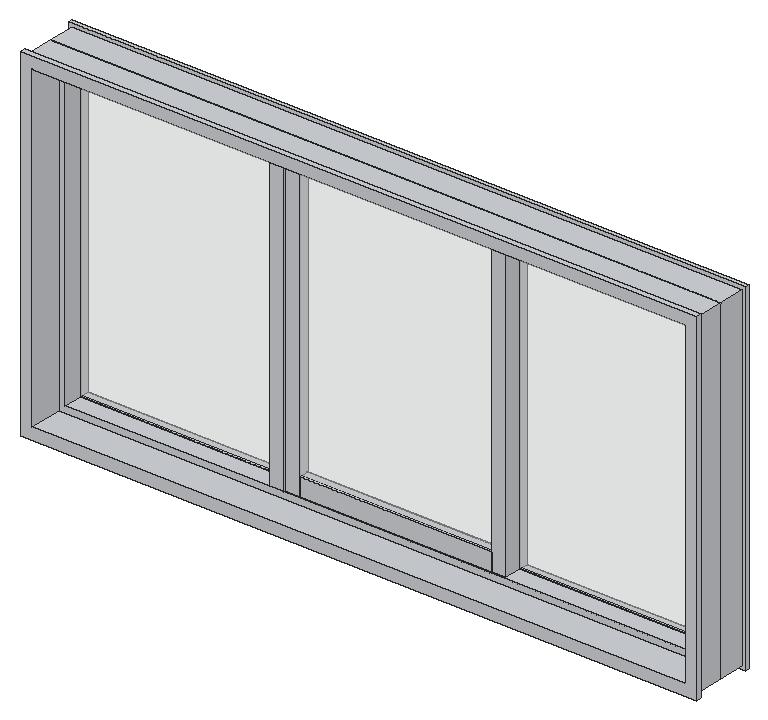
Revit family "APL Residential Thermal Heart Sliding Window FSF", category Windows, host Wall, Revit 2017 (continued)
Definition of nested family "APL Residential Thermal Heart Sliding Window FSF Horizontal Section"
  Definition of nested family "Three Panel Closer"
    Definition of nested family "65440_Closer"
      Lines and regions (mm)
        model lines, in view "Ref. Level"
          curve 101: arc (26.807, -9.2, 0) -> (26.704, -9.186, 0) -> (26.607, -9.146, 0) r 0.4
          curve 102: arc (25.079, -8.261, 0) -> (24.785, -8.14, 0) -> (24.47, -8.1, 0) r 1.2
          curve 103: arc (24.47, -8.1, 0) -> (24.295, -8.153, 0) -> (24.184, -8.297, 0) r 0.3
          curve 104: arc (23.296, -10.737, 0) -> (23.149, -10.928, 0) -> (22.92, -11, 0) r 0.4
          curve 105: arc (17.28, -11, 0) -> (17.051, -10.928, 0) -> (16.904, -10.737, 0) r 0.4
          curve 106: arc (16.016, -8.297, 0) -> (15.905, -8.153, 0) -> (15.73, -8.1, 0) r 0.3
          curve 107: arc (15.73, -8.1, 0) -> (15.415, -8.14, 0) -> (15.121, -8.261, 0) r 1.2
          curve 108: arc (13.593, -9.146, 0) -> (13.496, -9.186, 0) -> (13.393, -9.2, 0) r 0.4
          curve 109: arc (13.1, -9.2, 0) -> (12.817, -9.083, 0) -> (12.7, -8.8, 0) r 0.4
          curve 110: line (13.1, -5, 0) -> (13.393, -5, 0)
          curve 111: line (13.593, -5.054, 0) -> (15.121, -5.939, 0)
          curve 112: line (15.722, -6.1, 0) -> (16.645, -6.1, 0)
          curve 113: line (17.584, -6.758, 0) -> (18.377, -8.937, 0)
          curve 114: line (18.753, -9.2, 0) -> (21.447, -9.2, 0)
          curve 115: line (21.823, -8.937, 0) -> (22.616, -6.758, 0)
          curve 116: line (23.555, -6.1, 0) -> (24.478, -6.1, 0)
          curve 117: line (25.079, -5.939, 0) -> (26.607, -5.054, 0)
          curve 118: line (26.807, -5, 0) -> (27.1, -5, 0)
          curve 119: line (27.5, -5.4, 0) -> (27.5, -8.8, 0)
          curve 120: line (27.1, -9.2, 0) -> (26.807, -9.2, 0)
          curve 121: line (26.607, -9.146, 0) -> (25.079, -8.261, 0)
          curve 122: line (24.184, -8.297, 0) -> (23.296, -10.737, 0)
          curve 123: line (22.92, -11, 0) -> (17.28, -11, 0)
          curve 124: line (16.904, -10.737, 0) -> (16.016, -8.297, 0)
          curve 125: line (15.121, -8.261, 0) -> (13.593, -9.146, 0)
          curve 126: line (13.393, -9.2, 0) -> (13.1, -9.2, 0)
          curve 127: line (12.7, -8.8, 0) -> (12.7, -5.4, 0)
          curve 128: arc (12.7, 5.4, 0) -> (12.817, 5.117, 0) -> (13.1, 5, 0) r 0.4
          curve 129: arc (13.393, 5, 0) -> (13.496, 5.014, 0) -> (13.593, 5.054, 0) r 0.4
          curve 130: arc (15.121, 5.939, 0) -> (15.411, 6.059, 0) -> (15.722, 6.1, 0) r 1.2
          curve 131: arc (16.645, 6.1, 0) -> (17.218, 6.281, 0) -> (17.584, 6.758, 0) r 1
          curve 132: arc (18.377, 8.937, 0) -> (18.524, 9.128, 0) -> (18.753, 9.2, 0) r 0.4
          curve 133: arc (21.447, 9.2, 0) -> (21.676, 9.128, 0) -> (21.823, 8.937, 0) r 0.4
          curve 134: arc (22.616, 6.758, 0) -> (22.982, 6.281, 0) -> (23.555, 6.1, 0) r 1
          curve 135: arc (24.478, 6.1, 0) -> (24.789, 6.059, 0) -> (25.079, 5.939, 0) r 1.2
          curve 136: arc (26.607, 5.054, 0) -> (26.704, 5.014, 0) -> (26.807, 5, 0) r 0.4
          curve 137: arc (27.1, 5, 0) -> (27.383, 5.117, 0) -> (27.5, 5.4, 0) r 0.4
          curve 138: arc (27.5, 8.8, 0) -> (27.383, 9.083, 0) -> (27.1, 9.2, 0) r 0.4
          curve 139: arc (26.807, 9.2, 0) -> (26.704, 9.186, 0) -> (26.607, 9.146, 0) r 0.4
          curve 140: arc (25.079, 8.261, 0) -> (24.785, 8.14, 0) -> (24.47, 8.1, 0) r 1.2
          curve 141: arc (24.47, 8.1, 0) -> (24.295, 8.153, 0) -> (24.184, 8.297, 0) r 0.3
          curve 142: arc (23.296, 10.737, 0) -> (23.149, 10.928, 0) -> (22.92, 11, 0) r 0.4
          curve 143: arc (17.28, 11, 0) -> (17.051, 10.928, 0) -> (16.904, 10.737, 0) r 0.4
          curve 144: arc (16.016, 8.297, 0) -> (15.905, 8.153, 0) -> (15.73, 8.1, 0) r 0.3
          curve 145: arc (15.73, 8.1, 0) -> (15.415, 8.14, 0) -> (15.121, 8.261, 0) r 1.2
          curve 146: arc (13.593, 9.146, 0) -> (13.496, 9.186, 0) -> (13.393, 9.2, 0) r 0.4
          curve 147: arc (13.1, 9.2, 0) -> (12.817, 9.083, 0) -> (12.7, 8.8, 0) r 0.4
          curve 148: line (13.1, 5, 0) -> (13.393, 5, 0)
          curve 149: line (13.593, 5.054, 0) -> (15.121, 5.939, 0)
          curve 150: line (15.722, 6.1, 0) -> (16.645, 6.1, 0)
          curve 151: line (17.584, 6.758, 0) -> (18.377, 8.937, 0)
          curve 152: line (18.753, 9.2, 0) -> (21.447, 9.2, 0)
          curve 153: line (21.823, 8.937, 0) -> (22.616, 6.758, 0)
          curve 154: line (23.555, 6.1, 0) -> (24.478, 6.1, 0)
          curve 155: line (25.079, 5.939, 0) -> (26.607, 5.054, 0)
          curve 156: line (26.807, 5, 0) -> (27.1, 5, 0)
          curve 157: line (27.5, 5.4, 0) -> (27.5, 8.8, 0)
          curve 158: line (27.1, 9.2, 0) -> (26.807, 9.2, 0)
          curve 159: line (26.607, 9.146, 0) -> (25.079, 8.261, 0)
          curve 160: line (24.184, 8.297, 0) -> (23.296, 10.737, 0)
          curve 161: line (22.92, 11, 0) -> (17.28, 11, 0)
          curve 162: line (16.904, 10.737, 0) -> (16.016, 8.297, 0)
          curve 163: line (15.121, 8.261, 0) -> (13.593, 9.146, 0)
          curve 164: line (13.393, 9.2, 0) -> (13.1, 9.2, 0)
          curve 165: line (12.7, 8.8, 0) -> (12.7, 5.4, 0)
          curve 166: arc (70.2, 5.6, 0) -> (70.317, 5.883, 0) -> (70.6, 6, 0) r 0.4
          curve 167: arc (70.893, 6, 0) -> (70.996, 5.986, 0) -> (71.093, 5.946, 0) r 0.4
          curve 168: arc (72.621, 5.061, 0) -> (72.911, 4.941, 0) -> (73.222, 4.9, 0) r 1.2
          curve 169: arc (74.145, 4.9, 0) -> (74.718, 4.719, 0) -> (75.084, 4.242, 0) r 1
          curve 170: arc (75.877, 2.063, 0) -> (76.024, 1.872, 0) -> (76.253, 1.8, 0) r 0.4
          curve 171: arc (78.947, 1.8, 0) -> (79.176, 1.872, 0) -> (79.323, 2.063, 0) r 0.4
          curve 172: arc (80.116, 4.242, 0) -> (80.482, 4.719, 0) -> (81.055, 4.9, 0) r 1
          curve 173: arc (81.978, 4.9, 0) -> (82.289, 4.941, 0) -> (82.579, 5.061, 0) r 1.2
          curve 174: arc (84.107, 5.946, 0) -> (84.204, 5.986, 0) -> (84.307, 6, 0) r 0.4
          curve 175: arc (84.6, 6, 0) -> (84.883, 5.883, 0) -> (85, 5.6, 0) r 0.4
          curve 176: arc (85, 2.2, 0) -> (84.883, 1.917, 0) -> (84.6, 1.8, 0) r 0.4
          curve 177: arc (84.307, 1.8, 0) -> (84.204, 1.814, 0) -> (84.107, 1.854, 0) r 0.4
          curve 178: arc (82.579, 2.739, 0) -> (82.285, 2.86, 0) -> (81.97, 2.9, 0) r 1.2
          curve 179: arc (81.97, 2.9, 0) -> (81.795, 2.847, 0) -> (81.684, 2.703, 0) r 0.3
          curve 180: arc (80.796, 0.263, 0) -> (80.649, 0.072, 0) -> (80.42, 0, 0) r 0.4
          curve 181: arc (74.78, 0, 0) -> (74.551, 0.072, 0) -> (74.404, 0.263, 0) r 0.4
          curve 182: arc (73.516, 2.703, 0) -> (73.405, 2.847, 0) -> (73.23, 2.9, 0) r 0.3
          curve 183: arc (73.23, 2.9, 0) -> (72.915, 2.86, 0) -> (72.621, 2.739, 0) r 1.2
          curve 184: arc (71.093, 1.854, 0) -> (70.996, 1.814, 0) -> (70.893, 1.8, 0) r 0.4
          curve 185: arc (70.6, 1.8, 0) -> (70.317, 1.917, 0) -> (70.2, 2.2, 0) r 0.4
          curve 186: line (70.6, 6, 0) -> (70.893, 6, 0)
          curve 187: line (71.093, 5.946, 0) -> (72.621, 5.061, 0)
          curve 188: line (73.222, 4.9, 0) -> (74.145, 4.9, 0)
          curve 189: line (75.084, 4.242, 0) -> (75.877, 2.063, 0)
          curve 190: line (76.253, 1.8, 0) -> (78.947, 1.8, 0)
          curve 191: line (79.323, 2.063, 0) -> (80.116, 4.242, 0)
          curve 192: line (81.055, 4.9, 0) -> (81.978, 4.9, 0)
          curve 193: line (82.579, 5.061, 0) -> (84.107, 5.946, 0)
          curve 194: line (84.307, 6, 0) -> (84.6, 6, 0)
          curve 195: line (85, 5.6, 0) -> (85, 2.2, 0)
          curve 196: line (84.6, 1.8, 0) -> (84.307, 1.8, 0)
          curve 197: line (84.107, 1.854, 0) -> (82.579, 2.739, 0)
          curve 198: line (81.684, 2.703, 0) -> (80.796, 0.263, 0)
          curve 199: line (80.42, 0, 0) -> (74.78, 0, 0)
          curve 200: line (74.404, 0.263, 0) -> (73.516, 2.703, 0)
          curve 201: line (72.621, 2.739, 0) -> (71.093, 1.854, 0)
          curve 202: line (70.893, 1.8, 0) -> (70.6, 1.8, 0)
          curve 203: line (70.2, 2.2, 0) -> (70.2, 5.6, 0)
          curve 204: arc (42.7, -30, 0) -> (42.559, -29.941, 0) -> (42.5, -29.8, 0) r 0.2
          curve 205: arc (42.5, -28.25, 0) -> (43, -27.749, 0) -> (43.5, -28.25, 0) r 0.5
          curve 206: arc (43.5, -28.8, 0) -> (43.559, -28.941, 0) -> (43.7, -29, 0) r 0.2
          curve 207: arc (44.8, -29, 0) -> (44.941, -28.941, 0) -> (45, -28.8, 0) r 0.2
          curve 208: arc (45, -23.7, 0) -> (44.941, -23.559, 0) -> (44.8, -23.5, 0) r 0.2
          curve 209: arc (43.7, -23.5, 0) -> (43.559, -23.559, 0) -> (43.5, -23.7, 0) r 0.2
          curve 210: arc (43.5, -24.25, 0) -> (43, -24.749, 0) -> (42.5, -24.25, 0) r 0.5
          curve 211: arc (42.5, -23.5, 0) -> (42.793, -22.793, 0) -> (43.5, -22.5, 0) r 1
          curve 212: arc (44.395, -22.5, 0) -> (44.539, -22.443, 0) -> (44.6, -22.3, 0) r 0.202
          curve 213: arc (44.6, -11.2, 0) -> (44.538, -11.058, 0) -> (44.395, -11, 0) r 0.205
          curve 214: arc (26.583, -11, 0) -> (26.278, -10.801, 0) -> (26.005, -11.043, 0) r 0.3
          curve 215: arc (26.005, -11.043, 0) -> (25.939, -11.181, 0) -> (25.813, -11.268, 0) r 0.3
          curve 216: arc (24.403, -11.782, 0) -> (24.117, -11.738, 0) -> (24.001, -11.474, 0) r 0.3
          curve 217: arc (24.208, -9.108, 0) -> (24.235, -9.008, 0) -> (24.295, -8.922, 0) r 0.3
          curve 218: arc (24.659, -8.559, 0) -> (24.852, -8.507, 0) -> (24.993, -8.648, 0) r 0.2
          curve 219: arc (25.038, -8.816, 0) -> (25.09, -8.905, 0) -> (25.179, -8.957, 0) r 0.2
          curve 220: arc (27.4, -9.5, 0) -> (27.68, -9.307, 0) -> (27.6, -8.976, 0) r 0.3
          curve 221: arc (27.6, -8.976, 0) -> (27.526, -8.875, 0) -> (27.5, -8.753, 0) r 0.3
          curve 222: arc (27.694, -4.75, 0) -> (27.658, -4.578, 0) -> (27.5, -4.5, 0) r 0.2
          curve 223: arc (26.979, -4.5, 0) -> (26.898, -4.511, 0) -> (26.823, -4.544, 0) r 0.3
          curve 224: arc (25.569, -5.309, 0) -> (25.572, -5.479, 0) -> (25.466, -5.611, 0) r 0.25
          curve 225: arc (25.38, -5.663, 0) -> (25.128, -5.668, 0) -> (25, -5.45, 0) r 0.25
          curve 226: arc (25, -3.594, 0) -> (25.064, -3.349, 0) -> (25.239, -3.167, 0) r 0.5
          curve 227: arc (26.212, -2.573, 0) -> (26.338, -2.519, 0) -> (26.473, -2.5, 0) r 0.5
          curve 228: arc (27, -2.5, 0) -> (27.354, -2.354, 0) -> (27.5, -2, 0) r 0.5
          curve 229: arc (27.5, 1.999, 0) -> (27.354, 2.354, 0) -> (27, 2.5, 0) r 0.5
          curve 230: arc (26.473, 2.5, 0) -> (26.338, 2.519, 0) -> (26.212, 2.574, 0) r 0.5
          curve 231: arc (25.239, 3.167, 0) -> (25.064, 3.35, 0) -> (25, 3.594, 0) r 0.5
          curve 232: arc (25, 5.45, 0) -> (25.128, 5.668, 0) -> (25.38, 5.664, 0) r 0.25
          curve 233: arc (25.466, 5.612, 0) -> (25.572, 5.479, 0) -> (25.569, 5.309, 0) r 0.25
          curve 234: arc (26.823, 4.544, 0) -> (26.898, 4.512, 0) -> (26.979, 4.5, 0) r 0.3
          curve 235: arc (27.5, 4.5, 0) -> (27.658, 4.578, 0) -> (27.694, 4.75, 0) r 0.2
          curve 236: arc (27.5, 8.753, 0) -> (27.526, 8.876, 0) -> (27.6, 8.977, 0) r 0.3
          curve 237: arc (27.6, 8.977, 0) -> (27.68, 9.307, 0) -> (27.4, 9.5, 0) r 0.3
          curve 238: arc (25.179, 8.957, 0) -> (25.09, 8.906, 0) -> (25.038, 8.816, 0) r 0.2
          curve 239: arc (24.993, 8.649, 0) -> (24.852, 8.507, 0) -> (24.659, 8.559, 0) r 0.2
          curve 240: arc (24.295, 8.923, 0) -> (24.235, 9.008, 0) -> (24.208, 9.109, 0) r 0.3
          curve 241: arc (24.001, 11.474, 0) -> (24.117, 11.738, 0) -> (24.403, 11.782, 0) r 0.3
          curve 242: arc (25.813, 11.269, 0) -> (25.939, 11.182, 0) -> (26.005, 11.044, 0) r 0.3
          curve 243: arc (26.005, 11.044, 0) -> (26.278, 10.801, 0) -> (26.583, 11, 0) r 0.3
          curve 244: arc (44.395, 11, 0) -> (44.54, 11.057, 0) -> (44.6, 11.2, 0) r 0.2
          curve 245: arc (43.5, 22.5, 0) -> (42.793, 22.793, 0) -> (42.5, 23.5, 0) r 1
          curve 246: arc (42.5, 24.25, 0) -> (43, 24.75, 0) -> (43.5, 24.25, 0) r 0.5
          curve 247: arc (43.5, 28.25, 0) -> (43, 27.75, 0) -> (42.5, 28.25, 0) r 0.5
          curve 248: arc (42.5, 29.8, 0) -> (42.559, 29.942, 0) -> (42.7, 30, 0) r 0.2
          curve 249: arc (45.8, 30, 0) -> (45.942, 29.942, 0) -> (46, 29.8, 0) r 0.2
          curve 250: arc (46, 11.51, 0) -> (46.143, 11.15, 0) -> (46.5, 11, 0) r 0.5
          curve 251: arc (48.097, 11, 0) -> (48.453, 11.146, 0) -> (48.6, 11.5, 0) r 0.5
          curve 252: arc (48.6, 15.4, 0) -> (48.659, 15.542, 0) -> (48.8, 15.6, 0) r 0.2
          curve 253: arc (68.31, 15.6, 0) -> (68.484, 15.887, 0) -> (68.8, 16, 0) r 0.5
          curve 254: arc (71.117, 16, 0) -> (71.422, 15.801, 0) -> (71.695, 16.043, 0) r 0.3
          curve 255: arc (71.695, 16.043, 0) -> (71.761, 16.181, 0) -> (71.887, 16.268, 0) r 0.3
          curve 256: arc (73.297, 16.782, 0) -> (73.583, 16.738, 0) -> (73.699, 16.474, 0) r 0.3
          curve 257: arc (73.492, 14.108, 0) -> (73.465, 14.008, 0) -> (73.405, 13.922, 0) r 0.3
          curve 258: arc (73.041, 13.559, 0) -> (72.848, 13.507, 0) -> (72.707, 13.648, 0) r 0.2
          curve 259: arc (72.662, 13.816, 0) -> (72.61, 13.905, 0) -> (72.521, 13.957, 0) r 0.2
          curve 260: arc (70.3, 14.5, 0) -> (70.02, 14.307, 0) -> (70.1, 13.976, 0) r 0.3
          curve 261: arc (70.1, 13.976, 0) -> (70.174, 13.875, 0) -> (70.2, 13.753, 0) r 0.3
          curve 262: arc (70.006, 9.75, 0) -> (70.042, 9.578, 0) -> (70.2, 9.5, 0) r 0.2
          curve 263: arc (70.721, 9.5, 0) -> (70.802, 9.511, 0) -> (70.877, 9.544, 0) r 0.3
          curve 264: arc (72.131, 10.309, 0) -> (72.128, 10.479, 0) -> (72.234, 10.611, 0) r 0.25
          curve 265: arc (72.32, 10.663, 0) -> (72.572, 10.668, 0) -> (72.7, 10.45, 0) r 0.25
          curve 266: arc (72.7, 8.874, 0) -> (72.618, 8.477, 0) -> (72.385, 8.146, 0) r 1
          curve 267: arc (72.385, 8.146, 0) -> (72.322, 8, 0) -> (72.385, 7.854, 0) r 0.2
          curve 268: arc (72.385, 7.854, 0) -> (72.618, 7.523, 0) -> (72.7, 7.126, 0) r 1
          curve 269: arc (72.7, 5.55, 0) -> (72.572, 5.332, 0) -> (72.32, 5.337, 0) r 0.25
          curve 270: arc (72.234, 5.389, 0) -> (72.128, 5.521, 0) -> (72.131, 5.691, 0) r 0.25
          curve 271: arc (70.877, 6.456, 0) -> (70.802, 6.489, 0) -> (70.721, 6.5, 0) r 0.3
          curve 272: arc (70.2, 6.5, 0) -> (70.042, 6.422, 0) -> (70.006, 6.25, 0) r 0.2
          curve 273: arc (70.2, 2.247, 0) -> (70.174, 2.125, 0) -> (70.1, 2.024, 0) r 0.3
          curve 274: arc (70.1, 2.024, 0) -> (70.02, 1.693, 0) -> (70.3, 1.5, 0) r 0.3
          curve 275: arc (72.521, 2.043, 0) -> (72.61, 2.095, 0) -> (72.662, 2.184, 0) r 0.2
          curve 276: arc (72.707, 2.352, 0) -> (72.848, 2.493, 0) -> (73.041, 2.441, 0) r 0.2
          curve 277: arc (73.405, 2.078, 0) -> (73.465, 1.992, 0) -> (73.492, 1.892, 0) r 0.3
          curve 278: arc (73.699, -0.474, 0) -> (73.583, -0.738, 0) -> (73.297, -0.782, 0) r 0.3
          curve 279: arc (71.887, -0.268, 0) -> (71.761, -0.181, 0) -> (71.695, -0.043, 0) r 0.3
          curve 280: arc (71.695, -0.043, 0) -> (71.422, 0.199, 0) -> (71.117, 0, 0) r 0.3
          curve 281: arc (66.201, 0, 0) -> (65.847, -0.146, 0) -> (65.7, -0.5, 0) r 0.5
          curve 282: arc (65.7, -12.519, 0) -> (65.922, -13.994, 0) -> (66.57, -15.337, 0) r 5
          curve 283: arc (66.57, -15.337, 0) -> (67.411, -17.083, 0) -> (67.7, -19, 0) r 6.5
          curve 284: arc (67.7, -19.8, 0) -> (67.759, -19.941, 0) -> (67.9, -20, 0) r 0.2
          curve 285: arc (69.3, -20, 0) -> (69.441, -19.941, 0) -> (69.5, -19.8, 0) r 0.2
          curve 286: arc (69.5, -19.5, 0) -> (70, -18.999, 0) -> (70.5, -19.5, 0) r 0.5
          curve 287: arc (70.5, -22.048, 0) -> (70.001, -22.55, 0) -> (69.5, -22.05, 0) r 0.5
          curve 288: arc (69.5, -21.2, 0) -> (69.441, -21.059, 0) -> (69.3, -21, 0) r 0.2
          curve 289: arc (67.9, -21, 0) -> (67.759, -21.059, 0) -> (67.7, -21.2, 0) r 0.2
          curve 290: arc (67.7, -28.5, 0) -> (67.759, -28.641, 0) -> (67.9, -28.7, 0) r 0.2
          curve 291: arc (69.3, -28.7, 0) -> (69.441, -28.641, 0) -> (69.5, -28.5, 0) r 0.2
          curve 292: arc (69.5, -27.65, 0) -> (70, -27.149, 0) -> (70.5, -27.65, 0) r 0.5
          curve 293: arc (70.5, -29.499, 0) -> (70.354, -29.853, 0) -> (70, -30, 0) r 0.5
          curve 294: arc (47, -28.6, 0) -> (46.646, -28.454, 0) -> (46.5, -28.1, 0) r 0.5
          curve 295: arc (46.5, -23.5, 0) -> (46.409, -22.986, 0) -> (46.147, -22.533, 0) r 1.5
          curve 296: arc (46.1, -11.2, 0) -> (45.602, -9.998, 0) -> (44.4, -9.5, 0) r 1.7
          curve 297: arc (37.555, -9.5, 0) -> (37.114, -9.235, 0) -> (37.139, -8.722, 0) r 0.5
          curve 298: arc (37.139, -8.722, 0) -> (37.784, -6.197, 0) -> (36.695, -3.83, 0) r 3.9
          curve 299: arc (36.695, -3.83, 0) -> (35.422, -3.813, 0) -> (35.405, -5.085, 0) r 0.9
          curve 300: arc (35.405, -5.085, 0) -> (36, -6.55, 0) -> (35.405, -8.015, 0) r 2.1
          curve 301: arc (35.405, -8.015, 0) -> (35.28, -8.177, 0) -> (35.194, -8.364, 0) r 0.9
          curve 302: arc (35.194, -8.364, 0) -> (35.097, -8.536, 0) -> (34.94, -8.657, 0) r 0.5
          curve 303: arc (34.94, -8.657, 0) -> (33.9, -8.9, 0) -> (32.86, -8.657, 0) r 2.35
          curve 304: arc (32.86, -8.657, 0) -> (32.703, -8.536, 0) -> (32.606, -8.364, 0) r 0.5
          curve 305: arc (32.606, -8.364, 0) -> (32.52, -8.177, 0) -> (32.395, -8.015, 0) r 0.9
          curve 306: arc (32.395, -8.015, 0) -> (31.8, -6.55, 0) -> (32.395, -5.085, 0) r 2.1
          curve 307: arc (32.395, -5.085, 0) -> (32.378, -3.813, 0) -> (31.105, -3.83, 0) r 0.9
          curve 308: arc (31.105, -3.83, 0) -> (30.548, -4.556, 0) -> (30.176, -5.392, 0) r 3.9
          curve 309: arc (30.176, -5.392, 0) -> (29.731, -5.649, 0) -> (29.4, -5.255, 0) r 0.4
          curve 310: arc (29.4, 5.256, 0) -> (29.731, 5.649, 0) -> (30.176, 5.392, 0) r 0.4
          curve 311: arc (30.176, 5.392, 0) -> (30.548, 4.557, 0) -> (31.105, 3.83, 0) r 3.9
          curve 312: arc (31.105, 3.83, 0) -> (32.378, 3.813, 0) -> (32.395, 5.086, 0) r 0.9
          curve 313: arc (32.395, 5.086, 0) -> (31.8, 6.55, 0) -> (32.395, 8.015, 0) r 2.1
          curve 314: arc (32.395, 8.015, 0) -> (32.52, 8.177, 0) -> (32.606, 8.364, 0) r 0.9
          curve 315: arc (32.606, 8.364, 0) -> (32.703, 8.537, 0) -> (32.86, 8.658, 0) r 0.5
          curve 316: arc (32.86, 8.658, 0) -> (33.9, 8.9, 0) -> (34.94, 8.658, 0) r 2.35
          curve 317: arc (34.94, 8.658, 0) -> (35.097, 8.537, 0) -> (35.194, 8.364, 0) r 0.5
          curve 318: arc (35.194, 8.364, 0) -> (35.28, 8.177, 0) -> (35.405, 8.015, 0) r 0.9
          curve 319: arc (35.405, 8.015, 0) -> (36, 6.55, 0) -> (35.405, 5.086, 0) r 2.1
          curve 320: arc (35.405, 5.086, 0) -> (35.422, 3.813, 0) -> (36.695, 3.83, 0) r 0.9
          curve 321: arc (36.695, 3.83, 0) -> (37.784, 6.197, 0) -> (37.139, 8.722, 0) r 3.9
          curve 322: arc (37.139, 8.722, 0) -> (37.114, 9.236, 0) -> (37.555, 9.5, 0) r 0.5
          curve 323: arc (47.584, 9.5, 0) -> (49.362, 10.227, 0) -> (50.1, 12, 0) r 2.5
          curve 324: arc (50.1, 13.6, 0) -> (50.246, 13.954, 0) -> (50.6, 14.1, 0) r 0.5
          curve 325: arc (67.8, 14.1, 0) -> (68.154, 13.954, 0) -> (68.3, 13.6, 0) r 0.5
          curve 326: arc (68.3, 3.002, 0) -> (68.008, 2.294, 0) -> (67.3, 2, 0) r 1
          curve 327: arc (66.2, 2, 0) -> (64.786, 1.414, 0) -> (64.2, 0, 0) r 2
          curve 328: arc (64.2, -12.517, 0) -> (64.489, -14.435, 0) -> (65.33, -16.182, 0) r 6.5
          curve 329: arc (65.33, -16.182, 0) -> (65.978, -17.526, 0) -> (66.2, -19, 0) r 5
          curve 330: arc (66.2, -28.1, 0) -> (66.054, -28.454, 0) -> (65.7, -28.6, 0) r 0.5
          curve 331: line (42.5, -29.8, 0) -> (42.5, -28.25, 0)
          curve 332: line (43.5, -28.25, 0) -> (43.5, -28.8, 0)
          curve 333: line (43.7, -29, 0) -> (44.8, -29, 0)
          curve 334: line (45, -28.8, 0) -> (45, -23.7, 0)
          curve 335: line (44.8, -23.5, 0) -> (43.7, -23.5, 0)
          curve 336: line (43.5, -23.7, 0) -> (43.5, -24.25, 0)
          curve 337: line (42.5, -24.25, 0) -> (42.5, -23.5, 0)
          curve 338: line (43.5, -22.5, 0) -> (44.395, -22.5, 0)
          curve 339: line (44.6, -22.3, 0) -> (44.6, -11.2, 0)
          curve 340: line (44.395, -11, 0) -> (34.3, -11, 0)
          curve 341: line (34.3, -11, 0) -> (33.9, -10.6, 0)
          curve 342: line (33.9, -10.6, 0) -> (33.5, -11, 0)
          curve 343: line (33.5, -11, 0) -> (26.583, -11, 0)
          curve 344: line (25.813, -11.268, 0) -> (24.403, -11.782, 0)
          curve 345: line (24.001, -11.474, 0) -> (24.208, -9.108, 0)
          curve 346: line (24.295, -8.922, 0) -> (24.659, -8.559, 0)
          curve 347: line (24.993, -8.648, 0) -> (25.038, -8.816, 0)
          curve 348: line (25.038, -8.816, 0) -> (27.168, -9.49, 0)
          curve 349: line (27.168, -9.49, 0) -> (27.4, -9.5, 0)
          curve 350: line (27.5, -8.753, 0) -> (27.5, -5.525, 0)
          curve 351: line (27.5, -5.525, 0) -> (27.694, -4.75, 0)
          curve 352: line (27.5, -4.5, 0) -> (26.979, -4.5, 0)
          curve 353: line (26.979, -4.5, 0) -> (25.569, -5.309, 0)
          curve 354: line (25, -5.45, 0) -> (25, -3.594, 0)
          curve 355: line (25.239, -3.167, 0) -> (26.212, -2.573, 0)
          curve 356: line (26.473, -2.5, 0) -> (27, -2.5, 0)
          curve 357: line (27.5, -2, 0) -> (27.5, 1.999, 0)
          curve 358: line (27, 2.5, 0) -> (26.473, 2.5, 0)
          curve 359: line (26.212, 2.574, 0) -> (25.239, 3.167, 0)
          curve 360: line (25, 3.594, 0) -> (25, 5.45, 0)
          curve 361: line (25.569, 5.309, 0) -> (26.823, 4.544, 0)
          curve 362: line (26.823, 4.544, 0) -> (27.5, 4.5, 0)
          curve 363: line (27.694, 4.75, 0) -> (27.506, 5.476, 0)
          curve 364: line (27.506, 5.476, 0) -> (27.5, 8.753, 0)
          curve 365: line (27.246, 9.5, 0) -> (25.179, 8.957, 0)
          curve 366: line (25.179, 8.957, 0) -> (24.993, 8.649, 0)
          curve 367: line (24.659, 8.559, 0) -> (24.295, 8.923, 0)
          curve 368: line (24.208, 9.109, 0) -> (24.001, 11.474, 0)
          curve 369: line (24.403, 11.782, 0) -> (25.813, 11.269, 0)
          curve 370: line (26.583, 11, 0) -> (33.5, 11, 0)
          curve 371: line (33.5, 11, 0) -> (33.9, 10.6, 0)
          curve 372: line (33.9, 10.6, 0) -> (34.3, 11, 0)
          curve 373: line (34.3, 11, 0) -> (44.395, 11, 0)
          curve 374: line (44.6, 11.2, 0) -> (44.6, 22.5, 0)
          curve 375: line (44.6, 22.5, 0) -> (43.5, 22.5, 0)
          curve 376: line (42.5, 23.5, 0) -> (42.5, 24.25, 0)
          curve 377: line (43.5, 24.25, 0) -> (43.5, 23.5, 0)
          curve 378: line (43.5, 23.5, 0) -> (45, 23.5, 0)
          curve 379: line (45, 23.5, 0) -> (45, 29, 0)
          curve 380: line (45, 29, 0) -> (43.5, 29, 0)
          curve 381: line (43.5, 29, 0) -> (43.5, 28.25, 0)
          curve 382: line (42.5, 28.25, 0) -> (42.5, 29.8, 0)
          curve 383: line (42.7, 30, 0) -> (45.8, 30, 0)
          curve 384: line (46, 29.8, 0) -> (46, 11.51, 0)
          curve 385: line (46.5, 11, 0) -> (48.097, 11, 0)
          curve 386: line (48.6, 11.5, 0) -> (48.6, 15.4, 0)
          curve 387: line (48.8, 15.6, 0) -> (68.31, 15.6, 0)
          curve 388: line (68.8, 16, 0) -> (71.117, 16, 0)
          curve 389: line (71.887, 16.268, 0) -> (73.297, 16.782, 0)
          curve 390: line (73.699, 16.474, 0) -> (73.492, 14.108, 0)
          curve 391: line (73.405, 13.922, 0) -> (73.041, 13.559, 0)
          curve 392: line (72.707, 13.648, 0) -> (72.662, 13.816, 0)
          curve 393: line (72.662, 13.816, 0) -> (70.532, 14.49, 0)
          curve 394: line (70.532, 14.49, 0) -> (70.3, 14.5, 0)
          curve 395: line (70.2, 13.753, 0) -> (70.2, 10.525, 0)
          curve 396: line (70.2, 10.525, 0) -> (70.006, 9.75, 0)
          curve 397: line (70.2, 9.5, 0) -> (70.721, 9.5, 0)
          curve 398: line (70.721, 9.5, 0) -> (72.131, 10.309, 0)
          curve 399: line (72.7, 10.45, 0) -> (72.7, 8.874, 0)
          curve 400: line (72.7, 7.126, 0) -> (72.7, 5.55, 0)
          curve 401: line (72.131, 5.691, 0) -> (70.877, 6.456, 0)
          curve 402: line (70.877, 6.456, 0) -> (70.2, 6.5, 0)
          curve 403: line (70.006, 6.25, 0) -> (70.2, 5.5, 0)
          curve 404: line (70.194, 5.525, 0) -> (70.2, 2.247, 0)
          curve 405: line (70.454, 1.5, 0) -> (72.521, 2.043, 0)
          curve 406: line (72.521, 2.043, 0) -> (72.707, 2.352, 0)
          curve 407: line (73.041, 2.441, 0) -> (73.405, 2.078, 0)
          curve 408: line (73.492, 1.892, 0) -> (73.699, -0.474, 0)
          curve 409: line (73.297, -0.782, 0) -> (71.887, -0.268, 0)
          curve 410: line (71.117, 0, 0) -> (66.201, 0, 0)
          curve 411: line (65.7, -0.5, 0) -> (65.7, -12.519, 0)
          curve 412: line (67.7, -19, 0) -> (67.7, -19.8, 0)
          curve 413: line (67.9, -20, 0) -> (69.3, -20, 0)
          curve 414: line (69.5, -19.8, 0) -> (69.5, -19.5, 0)
          curve 415: line (70.5, -19.5, 0) -> (70.5, -22.048, 0)
          curve 416: line (69.5, -22.05, 0) -> (69.5, -21.2, 0)
          curve 417: line (69.3, -21, 0) -> (67.9, -21, 0)
          curve 418: line (67.7, -21.2, 0) -> (67.7, -28.5, 0)
          curve 419: line (67.9, -28.7, 0) -> (69.3, -28.7, 0)
          curve 420: line (69.5, -28.5, 0) -> (69.5, -27.65, 0)
          curve 421: line (70.5, -27.65, 0) -> (70.5, -29.499, 0)
          curve 422: line (70, -30, 0) -> (42.7, -30, 0)
          curve 423: line (46.5, -28.1, 0) -> (46.5, -23.5, 0)
          curve 424: line (46.1, -22.405, 0) -> (46.1, -11.2, 0)
          curve 425: line (44.4, -9.5, 0) -> (37.555, -9.5, 0)
          curve 426: line (29.4, -5.255, 0) -> (29.4, 5.256, 0)
          curve 427: line (37.555, 9.5, 0) -> (47.584, 9.5, 0)
          curve 428: line (50.1, 12, 0) -> (50.1, 13.6, 0)
          curve 429: line (50.6, 14.1, 0) -> (67.8, 14.1, 0)
          curve 430: line (68.3, 13.6, 0) -> (68.3, 3.002, 0)
          curve 431: line (67.3, 2, 0) -> (66.2, 2, 0)
          curve 432: line (64.2, 0, 0) -> (64.2, -12.517, 0)
          curve 433: line (66.2, -19, 0) -> (66.2, -28.1, 0)
          curve 434: line (65.7, -28.6, 0) -> (47, -28.6, 0)
          curve 435: arc (96.842, 2.443, 0) -> (96.999, 2.564, 0) -> (97.096, 2.736, 0) r 0.5
          curve 436: arc (97.096, 2.736, 0) -> (97.182, 2.923, 0) -> (97.307, 3.085, 0) r 0.9
          curve 437: arc (97.307, 3.085, 0) -> (97.902, 4.55, 0) -> (97.307, 6.015, 0) r 2.1
          curve 438: arc (97.307, 6.015, 0) -> (97.324, 7.287, 0) -> (98.597, 7.27, 0) r 0.9
          curve 439: arc (98.597, 7.27, 0) -> (99.675, 5.007, 0) -> (99.154, 2.556, 0) r 3.9
          curve 440: arc (99.154, 2.556, 0) -> (99.149, 2.053, 0) -> (99.583, 1.8, 0) r 0.5
          curve 441: arc (112.5, 1.8, 0) -> (113.207, 2.093, 0) -> (113.5, 2.8, 0) r 1
          curve 442: arc (113.5, 9, 0) -> (113.354, 9.354, 0) -> (113, 9.5, 0) r 0.5
          curve 443: arc (111.5, 9.5, 0) -> (110.086, 10.086, 0) -> (109.5, 11.5, 0) r 2
          curve 444: arc (109.5, 13.6, 0) -> (109.354, 13.954, 0) -> (109, 14.1, 0) r 0.5
          curve 445: arc (87.4, 14.1, 0) -> (87.046, 13.954, 0) -> (86.9, 13.6, 0) r 0.5
          curve 446: arc (86.9, 2.3, 0) -> (87.046, 1.947, 0) -> (87.4, 1.8, 0) r 0.5
          curve 447: arc (92.021, 1.8, 0) -> (92.456, 2.053, 0) -> (92.451, 2.556, 0) r 0.5
          curve 448: arc (92.451, 2.556, 0) -> (91.929, 5.007, 0) -> (93.007, 7.27, 0) r 3.9
          curve 449: arc (93.007, 7.27, 0) -> (94.28, 7.287, 0) -> (94.297, 6.015, 0) r 0.9
          curve 450: arc (94.297, 6.015, 0) -> (93.702, 4.55, 0) -> (94.297, 3.085, 0) r 2.1
          curve 451: arc (94.297, 3.085, 0) -> (94.423, 2.923, 0) -> (94.508, 2.736, 0) r 0.9
          curve 452: arc (94.508, 2.736, 0) -> (94.605, 2.564, 0) -> (94.762, 2.443, 0) r 0.5
          curve 453: arc (94.762, 2.443, 0) -> (95.802, 2.2, 0) -> (96.842, 2.443, 0) r 2.35
          curve 454: arc (85.1, 13.976, 0) -> (85.18, 14.307, 0) -> (84.9, 14.5, 0) r 0.3
          curve 455: arc (82.679, 13.957, 0) -> (82.59, 13.905, 0) -> (82.538, 13.816, 0) r 0.2
          curve 456: arc (82.493, 13.648, 0) -> (82.352, 13.507, 0) -> (82.159, 13.559, 0) r 0.2
          curve 457: arc (81.795, 13.922, 0) -> (81.735, 14.008, 0) -> (81.708, 14.108, 0) r 0.3
          curve 458: arc (81.501, 16.474, 0) -> (81.617, 16.738, 0) -> (81.903, 16.782, 0) r 0.3
          curve 459: arc (83.313, 16.268, 0) -> (83.439, 16.181, 0) -> (83.505, 16.043, 0) r 0.3
          curve 460: arc (83.505, 16.043, 0) -> (83.778, 15.801, 0) -> (84.083, 16, 0) r 0.3
          curve 461: arc (86.4, 16, 0) -> (86.716, 15.887, 0) -> (86.89, 15.6, 0) r 0.5
          curve 462: arc (110.8, 15.6, 0) -> (110.941, 15.541, 0) -> (111, 15.4, 0) r 0.2
          curve 463: arc (111, 11.5, 0) -> (111.146, 11.146, 0) -> (111.5, 11, 0) r 0.5
          curve 464: arc (112.997, 11, 0) -> (113.353, 11.145, 0) -> (113.5, 11.5, 0) r 0.5
          curve 465: arc (113.5, 17.8, 0) -> (113.559, 17.941, 0) -> (113.7, 18, 0) r 0.2
          curve 466: arc (114.5, 18, 0) -> (114.854, 17.854, 0) -> (115, 17.5, 0) r 0.5
          curve 467: arc (115, -29.493, 0) -> (114.85, -29.845, 0) -> (114.5, -30, 0) r 0.523
          curve 468: arc (111, -30, 0) -> (110.646, -29.854, 0) -> (110.5, -29.5, 0) r 0.499
          curve 469: arc (110.5, -27.65, 0) -> (111, -27.151, 0) -> (111.5, -27.65, 0) r 0.5
          curve 470: arc (111.5, -28.499, 0) -> (111.558, -28.641, 0) -> (111.7, -28.7, 0) r 0.2
          curve 471: arc (113.298, -28.7, 0) -> (113.441, -28.642, 0) -> (113.5, -28.5, 0) r 0.2
          curve 472: arc (113.5, -27.352, 0) -> (113.442, -27.209, 0) -> (113.3, -27.15, 0) r 0.2
          curve 473: arc (113.2, -27.15, 0) -> (113.058, -27.091, 0) -> (113, -26.95, 0) r 0.2
          curve 474: arc (113, -22.75, 0) -> (113.058, -22.609, 0) -> (113.2, -22.55, 0) r 0.2
          curve 475: arc (113.3, -22.55, 0) -> (113.441, -22.491, 0) -> (113.5, -22.35, 0) r 0.2
          curve 476: arc (113.5, -21.202, 0) -> (113.442, -21.059, 0) -> (113.3, -21, 0) r 0.2
          curve 477: arc (111.702, -21, 0) -> (111.559, -21.058, 0) -> (111.5, -21.2, 0) r 0.2
          curve 478: arc (111.5, -22.05, 0) -> (111, -22.55, 0) -> (110.5, -22.05, 0) r 0.5
          curve 479: arc (110.5, -19.5, 0) -> (110.646, -19.147, 0) -> (111, -19, 0) r 0.5
          curve 480: arc (111.8, -19, 0) -> (112.083, -19.117, 0) -> (112.2, -19.4, 0) r 0.4
          curve 481: arc (111.2, -7.3, 0) -> (111.141, -7.441, 0) -> (111, -7.5, 0) r 0.2
          curve 482: arc (110.1, -7.5, 0) -> (109.746, -7.354, 0) -> (109.6, -7, 0) r 0.5
          curve 483: arc (109.6, -4, 0) -> (110.1, -3.5, 0) -> (110.6, -4, 0) r 0.5
          curve 484: arc (112.996, -5, 0) -> (113.352, -4.855, 0) -> (113.5, -4.5, 0) r 0.5
          curve 485: arc (113.5, -1.006, 0) -> (113.209, -0.295, 0) -> (112.5, 0, 0) r 1
          curve 486: arc (84.083, 0, 0) -> (83.778, 0.199, 0) -> (83.505, -0.043, 0) r 0.3
          curve 487: arc (83.505, -0.043, 0) -> (83.439, -0.181, 0) -> (83.313, -0.268, 0) r 0.3
          curve 488: arc (81.903, -0.782, 0) -> (81.617, -0.738, 0) -> (81.501, -0.474, 0) r 0.3
          curve 489: arc (81.708, 1.892, 0) -> (81.735, 1.992, 0) -> (81.795, 2.078, 0) r 0.3
          curve 490: arc (82.159, 2.441, 0) -> (82.352, 2.493, 0) -> (82.493, 2.352, 0) r 0.2
          curve 491: arc (82.538, 2.185, 0) -> (82.59, 2.095, 0) -> (82.679, 2.043, 0) r 0.2
          curve 492: arc (84.9, 1.5, 0) -> (85.18, 1.693, 0) -> (85.1, 2.024, 0) r 0.3
          curve 493: arc (85.1, 2.024, 0) -> (85.026, 2.125, 0) -> (85, 2.247, 0) r 0.3
          curve 494: arc (85.194, 6.25, 0) -> (85.158, 6.423, 0) -> (85, 6.5, 0) r 0.2
          curve 495: arc (84.479, 6.5, 0) -> (84.398, 6.489, 0) -> (84.322, 6.456, 0) r 0.3
          curve 496: arc (83.069, 5.691, 0) -> (83.072, 5.521, 0) -> (82.966, 5.389, 0) r 0.25
          curve 497: arc (82.88, 5.337, 0) -> (82.628, 5.332, 0) -> (82.5, 5.55, 0) r 0.25
          curve 498: arc (82.5, 7.123, 0) -> (82.582, 7.522, 0) -> (82.815, 7.854, 0) r 1
          curve 499: arc (82.815, 7.854, 0) -> (82.878, 8, 0) -> (82.815, 8.146, 0) r 0.2
          curve 500: arc (82.815, 8.146, 0) -> (82.582, 8.478, 0) -> (82.5, 8.874, 0) r 1
          curve 501: arc (82.5, 10.449, 0) -> (82.627, 10.668, 0) -> (82.88, 10.663, 0) r 0.25
          curve 502: arc (82.966, 10.611, 0) -> (83.072, 10.479, 0) -> (83.069, 10.309, 0) r 0.25
          curve 503: arc (84.322, 9.544, 0) -> (84.398, 9.511, 0) -> (84.479, 9.5, 0) r 0.3
          curve 504: arc (85, 9.5, 0) -> (85.158, 9.578, 0) -> (85.194, 9.75, 0) r 0.2
          curve 505: line (99.583, 1.8, 0) -> (112.5, 1.8, 0)
          curve 506: line (113.5, 2.8, 0) -> (113.5, 9, 0)
          curve 507: line (113, 9.5, 0) -> (111.5, 9.5, 0)
          curve 508: line (109.5, 11.5, 0) -> (109.5, 13.6, 0)
          curve 509: line (109, 14.1, 0) -> (87.4, 14.1, 0)
          curve 510: line (86.9, 13.6, 0) -> (86.9, 2.3, 0)
          curve 511: line (87.4, 1.8, 0) -> (92.021, 1.8, 0)
          curve 512: line (84.746, 14.5, 0) -> (82.679, 13.957, 0)
          curve 513: line (82.679, 13.957, 0) -> (82.493, 13.648, 0)
          curve 514: line (82.159, 13.559, 0) -> (81.795, 13.922, 0)
          curve 515: line (81.708, 14.108, 0) -> (81.501, 16.474, 0)
          curve 516: line (81.903, 16.782, 0) -> (83.313, 16.268, 0)
          curve 517: line (84.083, 16, 0) -> (86.4, 16, 0)
          curve 518: line (86.89, 15.6, 0) -> (110.8, 15.6, 0)
          curve 519: line (111, 15.4, 0) -> (111, 11.5, 0)
          curve 520: line (111.5, 11, 0) -> (112.997, 11, 0)
          curve 521: line (113.5, 11.5, 0) -> (113.5, 17.8, 0)
          curve 522: line (113.7, 18, 0) -> (114.5, 18, 0)
          curve 523: line (115, 17.5, 0) -> (115, -29.493, 0)
          curve 524: line (114.5, -30, 0) -> (111, -30, 0)
          curve 525: line (110.5, -29.5, 0) -> (110.5, -27.65, 0)
          curve 526: line (111.5, -27.65, 0) -> (111.5, -28.499, 0)
          curve 527: line (111.7, -28.7, 0) -> (113.298, -28.7, 0)
          curve 528: line (113.5, -28.5, 0) -> (113.5, -27.352, 0)
          curve 529: line (113, -26.95, 0) -> (113, -22.75, 0)
          curve 530: line (113.5, -22.35, 0) -> (113.5, -21.202, 0)
          curve 531: line (113.3, -21, 0) -> (111.702, -21, 0)
          curve 532: line (111.5, -21.2, 0) -> (111.5, -22.05, 0)
          curve 533: line (110.5, -22.05, 0) -> (110.5, -19.5, 0)
          curve 534: line (111, -19, 0) -> (111.8, -19, 0)
          curve 535: line (112.2, -19.4, 0) -> (112.2, -20, 0)
          curve 536: line (112.2, -20, 0) -> (113.5, -20, 0)
          curve 537: line (113.5, -20, 0) -> (113.5, -6.5, 0)
          curve 538: line (113.5, -6.5, 0) -> (111.2, -6.5, 0)
          curve 539: line (111.2, -6.5, 0) -> (111.2, -7.3, 0)
          curve 540: line (111, -7.5, 0) -> (110.1, -7.5, 0)
          curve 541: line (109.6, -7, 0) -> (109.6, -4, 0)
          curve 542: line (110.6, -4, 0) -> (110.6, -5, 0)
          curve 543: line (110.6, -5, 0) -> (112.996, -5, 0)
          curve 544: line (113.5, -4.5, 0) -> (113.5, -1.006, 0)
          curve 545: line (112.5, 0, 0) -> (84.083, 0, 0)
          curve 546: line (83.313, -0.268, 0) -> (81.903, -0.782, 0)
          curve 547: line (81.501, -0.474, 0) -> (81.708, 1.892, 0)
          curve 548: line (81.795, 2.078, 0) -> (82.159, 2.441, 0)
          curve 549: line (82.493, 2.352, 0) -> (82.538, 2.185, 0)
          curve 550: line (82.538, 2.185, 0) -> (84.668, 1.51, 0)
          curve 551: line (84.668, 1.51, 0) -> (84.9, 1.5, 0)
          curve 552: line (85, 2.247, 0) -> (85, 5.475, 0)
          curve 553: line (85, 5.475, 0) -> (85.194, 6.25, 0)
          curve 554: line (85, 6.5, 0) -> (84.479, 6.5, 0)
          curve 555: line (84.479, 6.5, 0) -> (83.069, 5.691, 0)
          curve 556: line (82.5, 5.55, 0) -> (82.5, 7.123, 0)
          curve 557: line (82.5, 8.874, 0) -> (82.5, 10.449, 0)
          curve 558: line (83.069, 10.309, 0) -> (84.322, 9.544, 0)
          curve 559: line (84.322, 9.544, 0) -> (85, 9.5, 0)
          curve 560: line (85.194, 9.75, 0) -> (85.006, 10.475, 0)
          curve 561: line (85.006, 10.475, 0) -> (85, 13.736, 0)
          curve 562: arc (85, 13.753, 0) -> (85.026, 13.875, 0) -> (85.1, 13.976, 0) r 0.3
          curve 563: arc (70.2, 10.4, 0) -> (70.317, 10.117, 0) -> (70.6, 10, 0) r 0.4
          curve 564: arc (70.893, 10, 0) -> (70.996, 10.014, 0) -> (71.093, 10.054, 0) r 0.4
          curve 565: arc (72.621, 10.939, 0) -> (72.911, 11.059, 0) -> (73.222, 11.1, 0) r 1.2
          curve 566: arc (74.145, 11.1, 0) -> (74.718, 11.281, 0) -> (75.084, 11.758, 0) r 1
          curve 567: arc (75.877, 13.937, 0) -> (76.024, 14.128, 0) -> (76.253, 14.2, 0) r 0.4
          curve 568: arc (78.947, 14.2, 0) -> (79.176, 14.128, 0) -> (79.323, 13.937, 0) r 0.4
          curve 569: arc (80.116, 11.758, 0) -> (80.482, 11.281, 0) -> (81.055, 11.1, 0) r 1
          curve 570: arc (81.978, 11.1, 0) -> (82.289, 11.059, 0) -> (82.579, 10.939, 0) r 1.2
          curve 571: arc (84.107, 10.054, 0) -> (84.204, 10.014, 0) -> (84.307, 10, 0) r 0.4
          curve 572: arc (84.6, 10, 0) -> (84.883, 10.117, 0) -> (85, 10.4, 0) r 0.4
          curve 573: arc (85, 13.8, 0) -> (84.883, 14.083, 0) -> (84.6, 14.2, 0) r 0.4
          curve 574: arc (84.307, 14.2, 0) -> (84.204, 14.186, 0) -> (84.107, 14.146, 0) r 0.4
          curve 575: arc (82.579, 13.262, 0) -> (82.285, 13.14, 0) -> (81.97, 13.1, 0) r 1.2
          curve 576: arc (81.97, 13.1, 0) -> (81.795, 13.153, 0) -> (81.684, 13.298, 0) r 0.3
          curve 577: arc (80.796, 15.737, 0) -> (80.649, 15.928, 0) -> (80.42, 16, 0) r 0.4
          curve 578: arc (74.78, 16, 0) -> (74.551, 15.928, 0) -> (74.404, 15.737, 0) r 0.4
          curve 579: arc (73.516, 13.298, 0) -> (73.405, 13.153, 0) -> (73.23, 13.1, 0) r 0.3
          curve 580: arc (73.23, 13.1, 0) -> (72.915, 13.14, 0) -> (72.621, 13.262, 0) r 1.2
          curve 581: arc (71.093, 14.146, 0) -> (70.996, 14.186, 0) -> (70.893, 14.2, 0) r 0.4
          curve 582: arc (70.6, 14.2, 0) -> (70.317, 14.083, 0) -> (70.2, 13.8, 0) r 0.4
          curve 583: line (70.6, 10, 0) -> (70.893, 10, 0)
          curve 584: line (71.093, 10.054, 0) -> (72.621, 10.939, 0)
          curve 585: line (73.222, 11.1, 0) -> (74.145, 11.1, 0)
          curve 586: line (75.084, 11.758, 0) -> (75.877, 13.937, 0)
          curve 587: line (76.253, 14.2, 0) -> (78.947, 14.2, 0)
          curve 588: line (79.323, 13.937, 0) -> (80.116, 11.758, 0)
          curve 589: line (81.055, 11.1, 0) -> (81.978, 11.1, 0)
          curve 590: line (82.579, 10.939, 0) -> (84.107, 10.054, 0)
          curve 591: line (84.307, 10, 0) -> (84.6, 10, 0)
          curve 592: line (85, 10.4, 0) -> (85, 13.8, 0)
          curve 593: line (84.6, 14.2, 0) -> (84.307, 14.2, 0)
          curve 594: line (84.107, 14.146, 0) -> (82.579, 13.262, 0)
          curve 595: line (81.684, 13.298, 0) -> (80.796, 15.737, 0)
          curve 596: line (80.42, 16, 0) -> (74.78, 16, 0)
          curve 597: line (74.404, 15.737, 0) -> (73.516, 13.298, 0)
          curve 598: line (72.621, 13.262, 0) -> (71.093, 14.146, 0)
          curve 599: line (70.893, 14.2, 0) -> (70.6, 14.2, 0)
          curve 600: line (70.2, 13.8, 0) -> (70.2, 10.4, 0)
      Text (mm)
        text "65440" at (74.78, 42.459, 0), in view "Ref. Level"
    Definition of nested family "65575_Threshold"
      Reference planes
        plane 1 "Center (Front/Back)": y = 0
        plane 2: z = 0
        plane 3 "Center (Left/Right)": x = 0
      Lines and regions (mm)
        detail lines, in view "Ref. Level"
          curve 1: arc (0.123, 1.385, 0) -> (0.034, 1.312, 0) -> (0, 1.2, 0) r 0.2
          curve 2: arc (0, 0.2, 0) -> (0.059, 0.059, 0) -> (0.2, 0, 0) r 0.2
          curve 3: arc (1.987, -0.473, 0) -> (2.044, -0.588, 0) -> (2.019, -0.715, 0) r 0.2
          curve 4: arc (1.788, -1.112, 0) -> (1.916, -1.591, 0) -> (2.394, -1.463, 0) r 0.35
          curve 5: arc (2.779, -0.797, 0) -> (2.842, -0.484, 0) -> (2.701, -0.197, 0) r 0.497
          curve 6: arc (2.033, 0.47, 0) -> (1.979, 0.65, 0) -> (2.098, 0.796, 0) r 0.2
          curve 7: arc (41.094, 16.949, 0) -> (41.282, 16.93, 0) -> (41.37, 16.764, 0) r 0.2
          curve 8: arc (41.37, 12.481, 0) -> (41.586, 11.578, 0) -> (42.188, 10.869, 0) r 2
          curve 9: arc (42.188, 10.869, 0) -> (43.515, 8.691, 0) -> (42.924, 6.21, 0) r 3.35
          curve 10: arc (42.924, 6.21, 0) -> (43.038, 5.512, 0) -> (43.736, 5.625, 0) r 0.5
          curve 11: arc (43.736, 5.625, 0) -> (44.503, 8.847, 0) -> (42.779, 11.675, 0) r 4.35
          curve 12: arc (42.779, 11.675, 0) -> (42.478, 12.03, 0) -> (42.37, 12.481, 0) r 1
          curve 13: arc (42.37, 18.585, 0) -> (42.282, 18.751, 0) -> (42.094, 18.77, 0) r 0.2
          curve 14: line (0, 1.2, 0) -> (0, 0.2, 0)
          curve 15: line (0.2, 0, 0) -> (1.431, 0, 0)
          curve 16: line (1.573, -0.059, 0) -> (1.987, -0.473, 0)
          curve 17: line (2.019, -0.715, 0) -> (1.788, -1.112, 0)
          curve 18: line (2.394, -1.463, 0) -> (2.779, -0.797, 0)
          curve 19: line (2.701, -0.197, 0) -> (2.033, 0.47, 0)
          curve 20: line (2.098, 0.796, 0) -> (41.094, 16.949, 0)
          curve 21: line (41.37, 16.764, 0) -> (41.37, 12.481, 0)
          curve 22: line (42.37, 12.481, 0) -> (42.37, 18.585, 0)
          curve 23: line (42.094, 18.77, 0) -> (0.123, 1.385, 0)
      Text (mm)
        text "65575" at (6.848, 22.344, 0), in view "Ref. Level"
    Definition of nested family "65656_Infill"
      Reference planes
        plane 1 "Center (Front/Back)": y = 0
        plane 2: z = 0
        plane 3 "Center (Left/Right)": x = 0
      Lines and regions (mm)
        model lines, in view "Ref. Level"
          curve 1: arc (33.343, 0, 0) -> (33.487, -0.061, 0) -> (33.543, -0.207, 0) r 0.2
          curve 2: arc (33.336, -6.121, 0) -> (32.512, -6.899, 0) -> (31.737, -6.072, 0) r 0.8
          curve 3: arc (31.875, -2.117, 0) -> (31.735, -1.753, 0) -> (31.375, -1.6, 0) r 0.5
          curve 4: arc (-31.375, -1.6, 0) -> (-31.735, -1.753, 0) -> (-31.875, -2.117, 0) r 0.5
          curve 5: arc (-31.737, -6.072, 0) -> (-32.509, -6.899, 0) -> (-33.336, -6.128, 0) r 0.8
          curve 6: arc (-33.543, -0.207, 0) -> (-33.487, -0.061, 0) -> (-33.343, 0, 0) r 0.2
          curve 7: line (33.543, -0.207, 0) -> (33.336, -6.121, 0)
          curve 8: line (31.737, -6.072, 0) -> (31.875, -2.117, 0)
          curve 9: line (31.375, -1.6, 0) -> (-31.375, -1.6, 0)
          curve 10: line (-31.875, -2.117, 0) -> (-31.737, -6.072, 0)
          curve 11: line (-33.336, -6.128, 0) -> (-33.543, -0.207, 0)
          curve 12: line (-33.343, 0, 0) -> (33.343, 0, 0)
      Text (mm)
        text "65656" at (7.421, 15.177, 0), in view "Ref. Level"
    Definition of nested family "65520_Lock Stile"
      Reference planes
        plane 1 "Center (Front/Back)": y = 0
        plane 2: z = 0
        plane 3 "Center (Left/Right)": x = 0
      Lines and regions (mm)
        model lines, in view "Ref. Level"
          curve 1: arc (64.617, -36.001, 0) -> (64.992, -35.626, 0) -> (64.617, -35.251, 0) r 0.375
          curve 2: arc (64.242, -32, 0) -> (64.184, -31.859, 0) -> (64.042, -31.8, 0) r 0.2
          curve 3: arc (62.612, -31.8, 0) -> (62.471, -31.859, 0) -> (62.412, -32, 0) r 0.2
          curve 4: arc (62.412, -32.6, 0) -> (62.471, -32.741, 0) -> (62.612, -32.8, 0) r 0.2
          curve 5: arc (62.962, -32.8, 0) -> (63.104, -32.859, 0) -> (63.162, -33, 0) r 0.2
          curve 6: arc (63.162, -33.6, 0) -> (63.104, -33.741, 0) -> (62.962, -33.8, 0) r 0.2
          curve 7: arc (62.612, -33.8, 0) -> (62.471, -33.859, 0) -> (62.412, -34, 0) r 0.2
          curve 8: arc (62.412, -34.301, 0) -> (62.266, -34.655, 0) -> (61.912, -34.801, 0) r 0.5
          curve 9: arc (60.912, -34.801, 0) -> (60.559, -34.655, 0) -> (60.412, -34.301, 0) r 0.5
          curve 10: arc (60.412, -34, 0) -> (60.354, -33.859, 0) -> (60.212, -33.8, 0) r 0.2
          curve 11: arc (59.862, -33.8, 0) -> (59.721, -33.741, 0) -> (59.662, -33.6, 0) r 0.2
          curve 12: arc (59.662, -33, 0) -> (59.721, -32.859, 0) -> (59.862, -32.8, 0) r 0.2
          curve 13: arc (60.212, -32.8, 0) -> (60.354, -32.741, 0) -> (60.412, -32.6, 0) r 0.2
          curve 14: arc (60.412, -32, 0) -> (60.354, -31.859, 0) -> (60.212, -31.8, 0) r 0.2
          curve 15: arc (57.112, -31.8, 0) -> (56.971, -31.859, 0) -> (56.912, -32, 0) r 0.2
          curve 16: arc (56.912, -32.6, 0) -> (56.971, -32.741, 0) -> (57.112, -32.8, 0) r 0.2
          curve 17: arc (57.862, -32.8, 0) -> (58.216, -32.946, 0) -> (58.362, -33.3, 0) r 0.5
          curve 18: arc (58.362, -33.701, 0) -> (58.216, -34.054, 0) -> (57.862, -34.201, 0) r 0.5
          curve 19: arc (45.74, -34.2, 0) -> (45.386, -34.054, 0) -> (45.24, -33.7, 0) r 0.5
          curve 20: arc (45.24, -31.883, 0) -> (45.041, -31.578, 0) -> (45.283, -31.305, 0) r 0.3
          curve 21: arc (45.283, -31.305, 0) -> (45.421, -31.239, 0) -> (45.508, -31.113, 0) r 0.3
          curve 22: arc (46.022, -29.703, 0) -> (45.978, -29.417, 0) -> (45.714, -29.301, 0) r 0.3
          curve 23: arc (43.348, -29.508, 0) -> (43.248, -29.535, 0) -> (43.162, -29.595, 0) r 0.3
          curve 24: arc (42.799, -29.959, 0) -> (42.747, -30.152, 0) -> (42.888, -30.293, 0) r 0.2
          curve 25: arc (43.056, -30.338, 0) -> (43.145, -30.39, 0) -> (43.197, -30.479, 0) r 0.2
          curve 26: arc (43.74, -32.7, 0) -> (43.547, -32.98, 0) -> (43.216, -32.9, 0) r 0.3
          curve 27: arc (43.216, -32.9, 0) -> (43.115, -32.826, 0) -> (42.993, -32.8, 0) r 0.3
          curve 28: arc (38.99, -32.994, 0) -> (38.818, -32.958, 0) -> (38.74, -32.8, 0) r 0.2
          curve 29: arc (38.74, -32.279, 0) -> (38.751, -32.198, 0) -> (38.784, -32.122, 0) r 0.3
          curve 30: arc (39.549, -30.869, 0) -> (39.719, -30.872, 0) -> (39.851, -30.766, 0) r 0.25
          curve 31: arc (39.903, -30.68, 0) -> (39.908, -30.428, 0) -> (39.69, -30.3, 0) r 0.25
          curve 32: arc (37.951, -30.3, 0) -> (37.706, -30.364, 0) -> (37.524, -30.539, 0) r 0.5
          curve 33: arc (36.913, -31.54, 0) -> (36.859, -31.666, 0) -> (36.84, -31.801, 0) r 0.5
          curve 34: arc (36.84, -33.597, 0) -> (36.695, -33.952, 0) -> (36.34, -34.099, 0) r 0.5
          curve 35: arc (8.6, -34.099, 0) -> (8.459, -34.04, 0) -> (8.4, -33.899, 0) r 0.2
          curve 36: arc (8.4, -32.953, 0) -> (8.382, -32.817, 0) -> (8.327, -32.69, 0) r 0.5
          curve 37: arc (7.716, -31.689, 0) -> (7.534, -31.514, 0) -> (7.289, -31.45, 0) r 0.5
          curve 38: arc (5.55, -31.45, 0) -> (5.332, -31.577, 0) -> (5.337, -31.83, 0) r 0.25
          curve 39: arc (5.389, -31.916, 0) -> (5.521, -32.022, 0) -> (5.691, -32.019, 0) r 0.25
          curve 40: arc (6.456, -33.272, 0) -> (6.489, -33.348, 0) -> (6.5, -33.429, 0) r 0.3
          curve 41: arc (6.5, -33.95, 0) -> (6.422, -34.108, 0) -> (6.25, -34.144, 0) r 0.2
          curve 42: arc (2.247, -33.95, 0) -> (2.125, -33.976, 0) -> (2.024, -34.05, 0) r 0.3
          curve 43: arc (2.024, -34.05, 0) -> (1.693, -34.13, 0) -> (1.5, -33.85, 0) r 0.3
          curve 44: arc (2.043, -31.629, 0) -> (2.095, -31.54, 0) -> (2.184, -31.488, 0) r 0.2
          curve 45: arc (2.352, -31.443, 0) -> (2.493, -31.302, 0) -> (2.441, -31.109, 0) r 0.2
          curve 46: arc (2.078, -30.745, 0) -> (1.992, -30.685, 0) -> (1.892, -30.658, 0) r 0.3
          curve 47: arc (-0.474, -30.451, 0) -> (-0.738, -30.567, 0) -> (-0.782, -30.853, 0) r 0.3
          curve 48: arc (-0.268, -32.263, 0) -> (-0.181, -32.389, 0) -> (-0.043, -32.455, 0) r 0.3
          curve 49: arc (-0.043, -32.455, 0) -> (0.199, -32.728, 0) -> (0, -33.033, 0) r 0.3
          curve 50: arc (-3.076, -33.033, 0) -> (-3.524, -33.31, 0) -> (-3.475, -33.834, 0) r 0.5
          curve 51: arc (-3.475, -33.834, 0) -> (-2.783, -34.469, 0) -> (-1.91, -34.817, 0) r 2.6
          curve 52: line (4.258, -36.001, 0) -> (64.617, -36.001, 0)
          curve 53: line (64.617, -35.251, 0) -> (64.242, -35.251, 0)
          curve 54: line (64.242, -35.251, 0) -> (64.242, -32, 0)
          curve 55: line (64.042, -31.8, 0) -> (62.612, -31.8, 0)
          curve 56: line (62.412, -32, 0) -> (62.412, -32.6, 0)
          curve 57: line (62.612, -32.8, 0) -> (62.962, -32.8, 0)
          curve 58: line (63.162, -33, 0) -> (63.162, -33.6, 0)
          curve 59: line (62.962, -33.8, 0) -> (62.612, -33.8, 0)
          curve 60: line (62.412, -34, 0) -> (62.412, -34.301, 0)
          curve 61: line (61.912, -34.801, 0) -> (60.912, -34.801, 0)
          curve 62: line (60.412, -34.301, 0) -> (60.412, -34, 0)
          curve 63: line (60.212, -33.8, 0) -> (59.862, -33.8, 0)
          curve 64: line (59.662, -33.6, 0) -> (59.662, -33, 0)
          curve 65: line (59.862, -32.8, 0) -> (60.212, -32.8, 0)
          curve 66: line (60.412, -32.6, 0) -> (60.412, -32, 0)
          curve 67: line (60.212, -31.8, 0) -> (57.112, -31.8, 0)
          curve 68: line (56.912, -32, 0) -> (56.912, -32.6, 0)
          curve 69: line (57.112, -32.8, 0) -> (57.862, -32.8, 0)
          curve 70: line (58.362, -33.3, 0) -> (58.362, -33.701, 0)
          curve 71: line (57.862, -34.201, 0) -> (45.74, -34.201, 0)
          curve 72: line (45.24, -33.7, 0) -> (45.24, -31.883, 0)
          curve 73: line (45.508, -31.113, 0) -> (46.022, -29.703, 0)
          curve 74: line (45.714, -29.301, 0) -> (43.348, -29.508, 0)
          curve 75: line (43.162, -29.595, 0) -> (42.799, -29.959, 0)
          curve 76: line (42.888, -30.293, 0) -> (43.056, -30.338, 0)
          curve 77: line (43.056, -30.338, 0) -> (43.73, -32.468, 0)
          curve 78: line (43.73, -32.468, 0) -> (43.74, -32.7, 0)
          curve 79: line (42.993, -32.8, 0) -> (39.765, -32.8, 0)
          curve 80: line (39.765, -32.8, 0) -> (38.99, -32.994, 0)
          curve 81: line (38.74, -32.8, 0) -> (38.74, -32.279, 0)
          curve 82: line (38.74, -32.279, 0) -> (39.549, -30.869, 0)
          curve 83: line (39.69, -30.3, 0) -> (37.951, -30.3, 0)
          curve 84: line (37.524, -30.539, 0) -> (36.913, -31.54, 0)
          curve 85: line (36.84, -31.801, 0) -> (36.84, -33.597, 0)
          curve 86: line (36.34, -34.099, 0) -> (8.6, -34.099, 0)
          curve 87: line (8.4, -33.899, 0) -> (8.4, -32.953, 0)
          curve 88: line (8.327, -32.69, 0) -> (7.716, -31.689, 0)
          curve 89: line (7.289, -31.45, 0) -> (5.55, -31.45, 0)
          curve 90: line (5.691, -32.019, 0) -> (6.456, -33.272, 0)
          curve 91: line (6.456, -33.272, 0) -> (6.5, -33.95, 0)
          curve 92: line (6.25, -34.144, 0) -> (5.5, -33.95, 0)
          curve 93: line (5.525, -33.956, 0) -> (2.247, -33.95, 0)
          curve 94: line (1.5, -33.696, 0) -> (2.043, -31.629, 0)
          curve 95: line (2.043, -31.629, 0) -> (2.352, -31.443, 0)
          curve 96: line (2.441, -31.109, 0) -> (2.078, -30.745, 0)
          curve 97: line (1.892, -30.658, 0) -> (-0.474, -30.451, 0)
          curve 98: line (-0.782, -30.853, 0) -> (-0.268, -32.263, 0)
          curve 99: line (0, -33.033, 0) -> (-3.076, -33.033, 0)
          curve 100: line (-1.91, -34.817, 0) -> (3.748, -35.948, 0)
          curve 101: arc (3.748, -35.948, 0) -> (4.002, -35.986, 0) -> (4.258, -36.001, 0) r 2.937
          curve 102: arc (61.061, -2.052, 0) -> (61.027, -1.878, 0) -> (60.868, -1.8, 0) r 0.2
          curve 103: arc (39.24, -1.8, 0) -> (38.887, -1.946, 0) -> (38.74, -2.3, 0) r 0.5
          curve 104: arc (38.74, -15.6, 0) -> (38.884, -15.956, 0) -> (39.24, -16.1, 0) r 0.491
          curve 105: arc (44.74, -16.1, 0) -> (45.093, -16.247, 0) -> (45.24, -16.6, 0) r 0.502
          curve 106: arc (45.24, -18.917, 0) -> (45.041, -19.222, 0) -> (45.283, -19.495, 0) r 0.3
          curve 107: arc (45.283, -19.495, 0) -> (45.421, -19.561, 0) -> (45.508, -19.687, 0) r 0.3
          curve 108: arc (46.022, -21.097, 0) -> (45.978, -21.383, 0) -> (45.714, -21.499, 0) r 0.3
          curve 109: arc (43.348, -21.292, 0) -> (43.248, -21.265, 0) -> (43.162, -21.205, 0) r 0.3
          curve 110: arc (42.799, -20.841, 0) -> (42.747, -20.648, 0) -> (42.888, -20.507, 0) r 0.2
